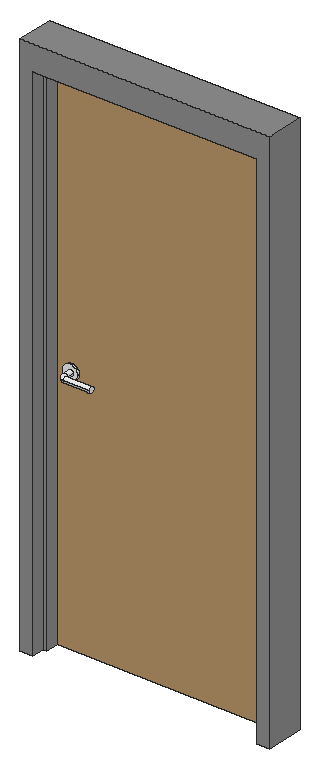
Revit family "M_Porta-Passagem-Única-Nivelada", category Portas, Revit 2019
Family settings
  Hospedeiro = Parede
  Número OmniClass = 23.30.10.00
  Título OmniClass = Doors
  Sempre na vertical = Sim
  Corte com vazios quando carregada = Não
  Compartilhado = Não
  Ponto de cálculo do ambiente = Não
Parameters
  Visual Light Transmittance = 0
  Espessura = 45 mm
  Resistência térmica (R) = 0.455703 (m²·K)/W
  Ângulo de abertura [instance] = 90.00°
  Altura do traçado = 1000 mm
  Solar Heat Gain Coefficient = 0
  Rough Width [instance] = Width + Largura da abertura MF  # 1000 mm
  Rough Height [instance] = Height + Altura da abertura MF  # 2200 mm
  Material do painel = Madeira - Bétula
  Moldura de alvenaria [instance] = yes
  Altura da abertura MF [instance] = if(Moldura de alvenaria, 100 mm, 30 mm)  # 100 mm
  Largura da abertura MF [instance] = if(Moldura de alvenaria, 100 mm, 60 mm)  # 100 mm
  Calcular inserção [instance] = if(Moldura de alvenaria, Inserção de alvenaria + 80 mm, 80 mm)  # 105 mm
  Inserção de alvenaria [instance] = 25 mm
  Height = 2100 mm
  Fechamento da parede = Por hospedeiro
  Width = 900 mm
  Coeficiente de transferência de calor (U) = 2.19465 W/(m²·K)
  Função = Exterior
  Material da moldura = Metal - Acabamento de pintura - Cinza
  Profundidade da moldura de alvenaria = 150 mm
  Moldura de Dry Wall [instance] = not(Moldura de alvenaria)  # no
  Material da maçaneta = Alumín. 1
  Código de montagem = "B2030200"
  Construção analítica = "Madeira"
Reference planes
  plane 1 "Centro (Frente/Trás)": y = 0
  plane 2 "Centro (Esquerda/Direita)": x = 0
  plane 3 "Esquerda": x = -500
  plane 4 "Direita": x = 500
  plane 5 "Superior": z = 2200
  plane 6 "Exterior": y = 107.95
  plane 7 "Interior": y = -95.25
  plane 8 "Painel esquerdo da porta": x = -450
  plane 9 "Painel direito da porta": x = 450
  plane 10 "Topo do painel": z = 2100
  plane 11: z = 0
  plane 12: z = 0
  plane 13 "Traseira da porta": y = 37.95
  plane 14: z = 1000
  plane 15 "Frente da porta": y = 82.95
  plane 16: y = -67.05
  plane 17: y = 33.187
  plane 18: x = -434.125
  plane 19: y = -17.838
  plane 20: z = 2149.2
  plane 21: y = 187.95
  plane 22: z = 2150
  plane 23: x = 470.05
  plane 24: x = 519.05
  plane 25: y = 120.65
  plane 26: y = -107.95
  plane 27: x = 454.175
  plane 28: y = 33.187
  plane 29: y = -4.913
  plane 30: y = 63.625
  plane 31: y = 57.275
  plane 32: y = 60.45
Forms (mm)
  Extrusion 1, solid, material "Madeira - Bétula" <- "Material do painel"
    sketch origin (0, 0, 0) x (1, 0, 0) y (0, 0, 1)
      loop
        line (450, 2100) -> (-450, 2100) -> (-450, 0) -> (450, 0) -> (450, 2100)
    from -82.95 to -37.95
  Sweep 2, solid, material "Metal - Acabamento de pintura - Cinza" <- "Material da moldura", visible <- "Moldura de alvenaria"
    path origin (0, 107.95, 0) x (1, 0, 0) y (0, 0, 1)
      loop
        line (500, 0) -> (500, 2150) -> (-500, 2150) -> (-500, 0)
    profile origin (-500, 107.95, 1075) x (0, -1, 0) y (1, 0, 0)
      loop
        line (25, 50) -> (25, 0) -> (175, 0) -> (175, 50) -> (125.787, 50) -> (125.787, 65.875) -> (74.762, 65.875) -> (74.762, 50) -> (25, 50)
  Extrusion 3, solid, material "Metal - Acabamento de pintura - Cinza" <- "Material da moldura", visible <- "Moldura de alvenaria"
    sketch origin (0, 0, 0) x (0, 1, 0) y (0, 0, 1)
      loop
        line (82.95, 2200) -> (-67.05, 2200) -> (-67.05, 2149.2) -> (82.95, 2149.2) -> (82.95, 2200)
    from -500 to 500
  Sweep 4, solid, material "Metal - Acabamento de pintura - Cinza" <- "Material da moldura", visible <- "Moldura de Dry Wall"
    path origin (0, 107.95, 0) x (1, 0, 0) y (0, 0, 1)
      loop
        line (500, 0) -> (500, 2200) -> (-500, 2200) -> (-500, 0)
    profile origin (500, 107.95, 1100) x (-1, 0, 0) y (0, -1, 0)
      loop
        line (-19.05, -12.7) -> (29.95, -12.7) -> (29.95, 74.762) -> (45.825, 74.762) -> (45.825, 112.862) -> (29.95, 112.862) -> (29.95, 215.9) -> (-19.05, 215.9) -> (-19.05, 203.2) -> (0, 203.2) -> (0, 0) -> (-19.05, 0) -> (-19.05, -12.7)
Cuts and joins
  joined: Sweep 2, Extrusion 3
Lines and regions (mm)
  Opening 1
    outline origin (-2286, -95.25, 0) x (1, 0, 0) y (0, 0, 1)
      loop
        line (1786, 0) -> (2786, 0) -> (2786, 2200) -> (1786, 2200) -> (1786, 0)
  Masking region 1, visible <- "Moldura de alvenaria", detail levels coarse+medium
    outline origin (0, 0, 0) x (1, 0, 0) y (0, 1, 0)
      loop
        line (-500, 82.95) -> (-500, -67.05) -> (-450, -67.05) -> (-450, 82.95) -> (-500, 82.95)
      loop
        line (500, 82.95) -> (450, 82.95) -> (450, -67.05) -> (500, -67.05) -> (500, 82.95)
  Masking region 2, visible <- "Moldura de alvenaria", detail levels fine
    outline origin (0, 0, 0) x (1, 0, 0) y (0, 1, 0)
      loop
        line (-500, 82.95) -> (-500, -67.05) -> (-450, -67.05) -> (-450, -17.838) -> (-434.125, -17.838) -> (-434.125, 33.187) -> (-450, 33.187) -> (-450, 82.95) -> (-500, 82.95)
      loop
        line (500, 82.95) -> (450, 82.95) -> (450, 33.187) -> (434.125, 33.187) -> (434.125, -17.838) -> (450, -17.838) -> (450, -67.05) -> (500, -67.05) -> (500, 82.95)
  Masking region 3, visible <- "Moldura de Dry Wall", detail levels coarse+medium
    outline origin (0, 0, 0) x (1, 0, 0) y (0, 1, 0)
      loop
        line (470.05, -95.25) -> (500, -95.25) -> (500, 107.95) -> (470.05, 107.95) -> (470.05, -95.25)
      loop
        line (-500, 107.95) -> (-500, -95.25) -> (-470.05, -95.25) -> (-470.05, 107.95) -> (-500, 107.95)
  Masking region 4, visible <- "Moldura de Dry Wall", detail levels fine
    outline origin (0, 0, 0) x (1, 0, 0) y (0, 1, 0)
      loop
        line (-519.05, 120.65) -> (-519.05, 107.95) -> (-500, 107.95) -> (-500, -95.25) -> (-519.05, -95.25) -> (-519.05, -107.95) -> (-470.05, -107.95) -> (-470.05, -4.913) -> (-454.175, -4.913) -> (-454.175, 33.187) -> (-470.05, 33.187) -> (-470.05, 120.65) -> (-519.05, 120.65)
      loop
        line (519.05, 107.95) -> (519.05, 120.65) -> (470.05, 120.65) -> (470.05, 33.187) -> (454.175, 33.187) -> (454.175, -4.913) -> (470.05, -4.913) -> (470.05, -107.95) -> (519.05, -107.95) -> (519.05, -95.25) -> (500, -95.25) -> (500, 107.95) -> (519.05, 107.95)
  symbolic lines, style "Giro da elevação"
    curve 1: line (-450, 107.95, 2100) -> (450, 107.95, 1050)
    curve 2: line (450, 107.95, 1050) -> (-450, 107.95, 0)
Text (mm)
  text "Exterior" at (-1904.17, 693.701, 0), in view "Nível de referência"
  text "Interior" at (-1904.17, -638.649, 0), in view "Nível de referência"
  text "Exterior" at (0, 1019.848, 3124.603), in view "Direita"
  text "Interior" at (0, -1635.541, 3124.603), in view "Direita"
  text "Interior" at (0, -787.806, 3124.376), in view "Esquerda"
  text "Exterior" at (0, 1386.095, 3124.376), in view "Esquerda"
Dimensions and locks
  equal spacing: plane 3 "Esquerda", plane 2 "Centro (Esquerda/Direita)", plane 4 "Direita"
  "Rough Height": level to plane 5 "Superior"
  equal spacing: plane 8 "Painel esquerdo da porta", plane 2 "Centro (Esquerda/Direita)", plane 9 "Painel direito da porta"
  "Width": plane 8 "Painel esquerdo da porta" to plane 9 "Painel direito da porta"
  "Height": level to plane 10 "Topo do painel"
  plane 11 to plane 12 = 0 mm
  "Rough Width": plane 3 "Esquerda" to plane 4 "Direita"
  equal spacing: plane 12, curve 2, plane 10 "Topo do painel"
  "Espessura": plane 15 "Frente da porta" to plane 13 "Traseira da porta"
  "Profundidade da moldura de alvenaria": plane 15 "Frente da porta" to plane 16
  locked: plane 13 "Traseira da porta" to plane 17 at 4.763
  locked: plane 16 to plane 19 at 49.213
  locked: plane 8 "Painel esquerdo da porta" to plane 18 at 15.875
  locked: plane 20 to plane 5 "Superior" at 50.8
  locked: plane 6 "Exterior" to plane 21 at 80
  "Calcular inserção": plane 21 to plane 15 "Frente da porta"
  locked: plane 10 "Topo do painel" to plane 22 at 50
  locked: plane 4 "Direita" to plane 24 at 19.05
  locked: plane 6 "Exterior" to plane 25 at 12.7
  locked: plane 26 to plane 7 "Interior" at 12.7
  locked: plane 23 to plane 24 at 49
  plane 13 "Traseira da porta" to plane 28 to plane 29 = 4.763 mm locked, 38.1 mm locked
  locked: plane 27 to plane 23 at 15.875
  "Altura do traçado": plane 11 to plane 14
  equal spacing: plane 15 "Frente da porta", plane 32, plane 13 "Traseira da porta"
  locked: plane 32 to plane 31 at 3.175
  locked: plane 30 to plane 32 at 3.175
  aligned and locked: plane 3 "Esquerda" to Opening 1 sketch curve
  aligned and locked: plane 5 "Superior" to Opening 1 sketch curve  (x2)
  aligned and locked: Opening 1 sketch curve to plane 4 "Direita"
  aligned and locked: Opening 1 sketch curve to level
  aligned and locked: plane 6 "Exterior" to host wall
  aligned and locked: plane 7 "Interior" to host wall
  aligned and locked: plane 11 to level
  aligned and locked: Extrusion 1 sketch curve to plane 10 "Topo do painel"
  aligned and locked: Extrusion 1 sketch curve to plane 8 "Painel esquerdo da porta"
  aligned and locked: plane 9 "Painel direito da porta" to Extrusion 1 sketch curve
  aligned and locked: Extrusion 1 sketch curve to plane 12
  aligned and locked: Extrusion 1 to plane 13 "Traseira da porta"
  aligned and locked: nested 1 to plane 9 "Painel direito da porta"
  aligned and locked: nested 2 to plane 8 "Painel esquerdo da porta"
  aligned and locked: nested 2 to plane 14
  aligned and locked: plane 8 "Painel esquerdo da porta" to nested 3
  aligned and locked: nested 3 to plane 13 "Traseira da porta"
  aligned and locked: plane 14 to nested 3
  aligned and locked: nested 1 to plane 15 "Frente da porta"
  aligned and locked: nested 2 to plane 15 "Frente da porta"
  aligned and locked: Extrusion 1 to nested 1
  aligned and locked: Sweep 2 sketch curve to plane 3 "Esquerda"  (x2)
  aligned and locked: plane 11 to Sweep 2 sketch curve  (x2)
  aligned and locked: plane 18 to Sweep 2 sketch curve
  aligned and locked: plane 8 "Painel esquerdo da porta" to Sweep 2 sketch curve  (x2)
  aligned and locked: plane 17 to Sweep 2 sketch curve
  aligned and locked: Sweep 2 sketch curve to plane 19
  aligned and locked: Sweep 2 sketch curve to plane 16
  aligned and locked: Sweep 2 sketch curve to plane 15 "Frente da porta"
  aligned and locked: Sweep 2 sketch curve to plane 4 "Direita"
  aligned and locked: plane 5 "Superior" to Extrusion 3 sketch curve
  aligned and locked: Extrusion 3 sketch curve to plane 16
  aligned and locked: Extrusion 3 sketch curve to plane 15 "Frente da porta"
  aligned and locked: plane 20 to Extrusion 3 sketch curve
  aligned and locked: cut or joined group of Sweep 2, Extrusion 3 to plane 4 "Direita"
  aligned and locked: plane 3 "Esquerda" to cut or joined group of Sweep 2, Extrusion 3
  aligned and locked: Masking region 1 sketch curve to plane 15 "Frente da porta"
  aligned and locked: plane 8 "Painel esquerdo da porta" to Masking region 1 sketch curve
  aligned and locked: Masking region 1 sketch curve to plane 16
  aligned and locked: Masking region 1 sketch curve to plane 3 "Esquerda"
  aligned and locked: plane 15 "Frente da porta" to Masking region 1 sketch curve
  aligned and locked: Masking region 1 sketch curve to plane 4 "Direita"
  aligned and locked: plane 9 "Painel direito da porta" to Masking region 1 sketch curve
  aligned and locked: plane 16 to Masking region 1 sketch curve
  aligned and locked: Masking region 2 sketch curve to plane 3 "Esquerda"
  aligned and locked: Masking region 2 sketch curve to plane 16
  aligned and locked: plane 8 "Painel esquerdo da porta" to Masking region 2 sketch curve  (x2)
  aligned and locked: Masking region 2 sketch curve to plane 15 "Frente da porta"
  aligned and locked: Masking region 2 sketch curve to cut or joined group of Sweep 2, Extrusion 3  (x4)
  aligned and locked: plane 15 "Frente da porta" to Masking region 2 sketch curve
  aligned and locked: Masking region 2 sketch curve to plane 4 "Direita"
  aligned and locked: plane 9 "Painel direito da porta" to Masking region 2 sketch curve  (x2)
  aligned and locked: plane 16 to Masking region 2 sketch curve
  aligned and locked: cut or joined group of Sweep 2, Extrusion 3 to Masking region 2 sketch curve  (x2)
  aligned and locked: plane 22 to Sweep 2 sketch curve
  aligned and locked: plane 4 "Direita" to Sweep 4 sketch curve
  aligned and locked: Sweep 4 sketch curve to plane 3 "Esquerda"
  aligned and locked: plane 24 to Sweep 4 sketch curve  (x2)
  aligned and locked: Sweep 4 sketch curve to plane 7 "Interior"
  aligned and locked: Sweep 4 sketch curve to plane 26
  aligned and locked: Sweep 4 sketch curve to plane 23  (x2)
  aligned and locked: Sweep 4 sketch curve to plane 29
  aligned and locked: plane 27 to Sweep 4 sketch curve
  aligned and locked: plane 28 to Sweep 4 sketch curve
  aligned and locked: Sweep 4 sketch curve to plane 25
  aligned and locked: plane 6 "Exterior" to Sweep 4 sketch curve
  aligned and locked: Sweep 4 sketch curve to plane 4 "Direita"
  aligned and locked: plane 5 "Superior" to Sweep 4 sketch curve
  aligned and locked: Masking region 3 sketch curve to plane 6 "Exterior"
  aligned and locked: plane 7 "Interior" to Masking region 3 sketch curve
  aligned and locked: Masking region 3 sketch curve to plane 4 "Direita"
  aligned and locked: Masking region 3 sketch curve to Sweep 4  (x2)
  aligned and locked: plane 6 "Exterior" to Masking region 3 sketch curve
  aligned and locked: Masking region 3 sketch curve to plane 3 "Esquerda"
  aligned and locked: Masking region 3 sketch curve to plane 7 "Interior"
  aligned and locked: Masking region 4 sketch curve to plane 3 "Esquerda"
  aligned and locked: Masking region 4 sketch curve to Sweep 4  (x13)
  aligned and locked: Masking region 4 sketch curve to plane 6 "Exterior"
  aligned and locked: plane 7 "Interior" to Masking region 4 sketch curve
  aligned and locked: Masking region 4 sketch curve to plane 4 "Direita"
  aligned and locked: Masking region 4 sketch curve to plane 7 "Interior"
  aligned and locked: Sweep 4 to Masking region 4 sketch curve  (x5)
  aligned and locked: plane 6 "Exterior" to Masking region 4 sketch curve
  aligned and locked: plane 11 to Sweep 4 sketch curve  (x2)
Automatic sketch dimensions
  curve 2 to level = 0 mm
  curve 2 to plane 8 "Painel esquerdo da porta" = 0 mm
  curve 1 to plane 8 "Painel esquerdo da porta" = 0 mm
  curve 2 to plane 9 "Painel direito da porta" = 0 mm
  curve 1 to plane 10 "Topo do painel" = 0 mm
Nested families
  nested 1: "Porta com abertura única" at (450, 82.95, 0), Ângulo de abertura <- "Ângulo de abertura", type "Único"
    with Abertura visível yes, Ângulo de abertura 90.00°, Ângulo real 90.00°
  nested 2: "M_Alavanca da maçaneta" at (-600, 82.95, 1000), type "Padrão", detail levels fine
  nested 3: "M_Alavanca da maçaneta" at (-600, 37.95, 1000), type "Padrão", detail levels fine
Definition of nested family "M_Alavanca da maçaneta"
  Parameters (values of type "Padrão")
    Material = none
    Distância Z da maçaneta = 0 mm
    Distância X da maçaneta = 75.009 mm
    Assembly Code = ""
    Analytic Construction = "<Nenhum>"
  Reference planes
    plane 1 "Centro (Frente/Trás)": y = 0
    plane 2: z = 0
    plane 3 "Centro (Esquerda/Direita)": x = 150
    plane 4: z = 0
    plane 5 "Maçaneta C/L": x = 225.009
  Forms (mm)
    Extrusion 1, solid, material <- "Material"
      sketch origin (300, 0, 0) x (1, 0, 0) y (0, 0, -1)
        loop
          circle (-77.491, 0) r 30
      from 0 to 8
    Sweep 2, solid, material <- "Material"
      path origin (0, 0, 0) x (0, -1, 0) y (1, 0, 0)
        loop
          line (-8, 225.009) -> (-38, 225.009)
          arc (-38, 225.009) -> (-48.607, 229.403) -> (-53, 240.009) r 15
          line (-53, 240.009) -> (-53, 345.009)
      profile origin (225.009, 23, 0) x (1, 0, 0) y (0, 0, 1)
        loop
          circle (0, 0) r 10
  Dimensions and locks
    "Distância Z da maçaneta": plane 4 to level
    Sweep 2 sketch curve to Sweep 2 sketch curve = 105 mm
    "Distância X da maçaneta": plane 5 "Maçaneta C/L" to plane 3 "Centro (Esquerda/Direita)"
    plane 5 "Maçaneta C/L" to Sweep 2 sketch curve = 120 mm
    aligned and locked: plane 4 to Extrusion 1 sketch curve
  Automatic sketch dimensions
    Sweep 2 sketch curve to profile plane = 0 mm  (x2)
    Sweep 2 sketch curve to plane 5 "Maçaneta C/L" = 0 mm
    Sweep 2 sketch curve to plane 1 "Centro (Frente/Trás)" = 53 mm
    Sweep 2 sketch curve to plane 1 "Centro (Frente/Trás)" = 8 mm
    Extrusion 1 sketch curve to plane 5 "Maçaneta C/L" = 2.5 mm
    radius of Sweep 2 sketch curve = 10 mm
    radius of Extrusion 1 sketch curve = 30 mm
Definition of nested family "Porta com abertura única"
  Parameters (values of type "Único")
    Width = 900 mm
    Thickness = 45 mm
    Abertura visível [instance] = Ângulo de abertura > 1.00°  # yes
    Ângulo de abertura [instance] = 45.00°
    Assembly Code = ""
    Analytic Construction = "<Nenhum>"
    Ângulo real [instance] = if(Ângulo de abertura < 1.00°, 1.00°, Ângulo de abertura)  # 45.00°
  Reference planes
    plane 1 "Centro (Frente/Trás)": y = 0
    plane 2: z = 0
    plane 3 "Centro (Esquerda/Direita)": x = 0
    plane 4: x = -900
  Lines and regions (mm)
    Masking region 1
      outline origin (0, 0, 0) x (-0.707107, 0.707107, 0) y (-0.707107, -0.707107, 0)
        loop
          line (0, 0) -> (900, 0) -> (900, 45) -> (0, 45) -> (0, 0)
    symbolic lines
      curve 1: line (0, 0, 0) -> (-900, 0, 0)
    symbolic lines, visible <- "Abertura visível"
      curve 2: arc (-900, 0, 0) -> (-831.492, 344.415, 0) -> (-636.396, 636.396, 0) r 900
    reference lines
      curve 3: line (0, 0, 0) -> (-636.396, 636.396, 0)
    model lines
      curve 4: line (0, 0, 0) -> (0, 0, 25.4)
  Dimensions and locks
    "Width": plane 4 to plane 3 "Centro (Esquerda/Direita)"
    locked: curve 2 to plane 3 "Centro (Esquerda/Direita)"
    locked: curve 2 to plane 1 "Centro (Frente/Trás)"
    "Width": curve 3 to curve 3
    "Thickness": Masking region 1 sketch curve to Masking region 1 sketch curve
    locked: curve 4 to plane 2 at 25.4
    "Width": radius of curve 2
    "Ângulo real": angle curve 2 to curve 2
    "Ângulo de abertura": angle curve 3 to plane 1 "Centro (Frente/Trás)"
    aligned and locked: curve 1 to plane 1 "Centro (Frente/Trás)"
    aligned and locked: plane 3 "Centro (Esquerda/Direita)" to curve 1
    aligned and locked: plane 3 "Centro (Esquerda/Direita)" to curve 3
    aligned and locked: plane 1 "Centro (Frente/Trás)" to curve 3
    aligned and locked: curve 3 to Masking region 1 sketch curve
    aligned and locked: Masking region 1 sketch curve to curve 3  (x2)
    aligned and locked: plane 3 "Centro (Esquerda/Direita)" to curve 4
    aligned and locked: plane 2 to curve 4
Types in the file's own list only (17): name | Transmissão de luz visual | Resistência térmica (R) | Coeficiente de ganho de calor solar | Altura | Largura | Coeficiente de transferência de calor (U)
  750 x 2000mm | 0 | 0.4557 (m²·K)/W | 0 | 2000 mm | 750 mm | 2.1946 W/(m²·K)
  750 x 2100mm | 0 | 0.4557 (m²·K)/W | 0 | 2100 mm | 750 mm | 2.1946 W/(m²·K)
  900 x 2000mm | 0 | 0.4557 (m²·K)/W | 0 | 2000 mm | 900 mm | 2.1946 W/(m²·K)
  900 x 2100mm | 0 | 0.4557 (m²·K)/W | 0 | 2100 mm | 900 mm | 2.1946 W/(m²·K)
  900 x 2200mm | 0 | 0.4557 (m²·K)/W | 0 | 2200 mm | 900 mm | 2.1946 W/(m²·K)
  900 x 2350mm | 0 | 0.4557 (m²·K)/W | 0 | 2350 mm | 900 mm | 2.1946 W/(m²·K)
  900 x 2400mm | 0 | 0.4557 (m²·K)/W | 0 | 2400 mm | 900 mm | 2.1946 W/(m²·K)
  1050 x 2000mm | 0 | 0.4557 (m²·K)/W | 0 | 2000 mm | 1050 mm | 2.1946 W/(m²·K)
  1050 x 2100mm | 0 | 0.4557 (m²·K)/W | 0 | 2100 mm | 1050 mm | 2.1946 W/(m²·K)
  1050 x 2200mm | 0 | 0.4557 (m²·K)/W | 0 | 2200 mm | 1050 mm | 2.1946 W/(m²·K)
  1050 x 2350mm | 0 | 0.4557 (m²·K)/W | 0 | 2350 mm | 1050 mm | 2.1946 W/(m²·K)
  1050 x 2400mm | 0 | 0.4557 (m²·K)/W | 0 | 2400 mm | 1050 mm | 2.1946 W/(m²·K)
  1200 x 2000mm | 0 | 0.4557 (m²·K)/W | 0 | 2000 mm | 1200 mm | 2.1946 W/(m²·K)
  1200 x 2100mm | 0 | 0.4557 (m²·K)/W | 0 | 2100 mm | 1200 mm | 2.1946 W/(m²·K)
  1200 x 2200mm | 0 | 0.4557 (m²·K)/W | 0 | 2200 mm | 1200 mm | 2.1946 W/(m²·K)
  1200 x 2350mm | 0 | 0.4557 (m²·K)/W | 0 | 2350 mm | 1200 mm | 2.1946 W/(m²·K)
  1200 x 2400mm | 0 | 0.4557 (m²·K)/W | 0 | 2400 mm | 1200 mm | 2.1946 W/(m²·K)
